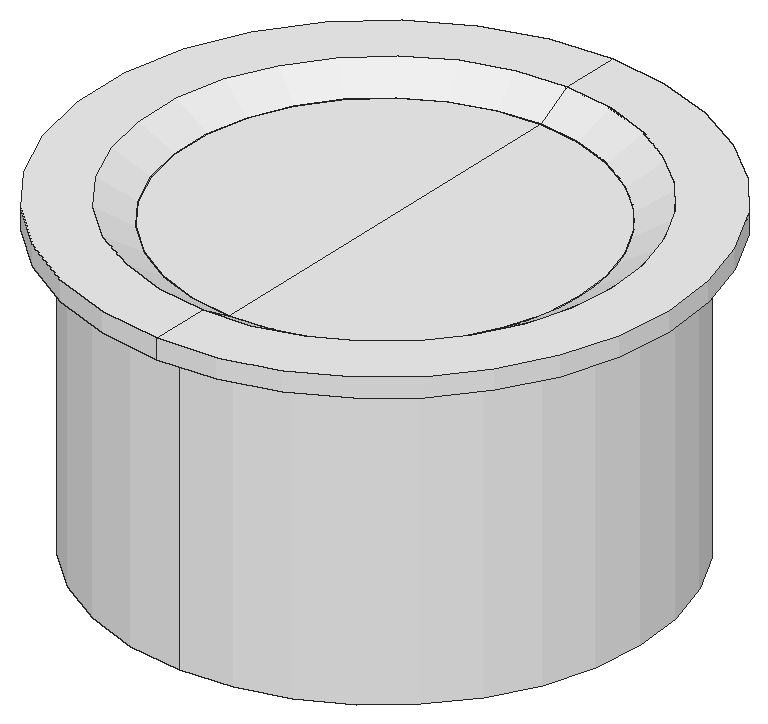
Revit family "IMBER", category Lighting Fixtures, host Face, Revit 2015
Parameters (values of type "KANLUX IMBER LED NW 23520 LED 4000K 105° 40lm srebrny")
  Średnica otworu = 27 mm  # constant formula
  Średnica = 30 mm  # constant formula
  Wattage = 1 W
  built-in parameter 1150110 = 1 (stored number, unit not read)
  built-in parameter 1114217 = 1 (stored number, unit not read)
  Tilt Angle = 90.00°  # constant formula
  built-in parameter 1150109 = 1 (stored number, unit not read)
  built-in parameter 1150134 = 12
  built-in parameter 1150113 = 1 (stored number, unit not read)
  Photometric Web File = "IMBER LED NW.ies"
  Materiał klosz = KANLUX - klosz - tworzywo sztuczne
  built-in parameter 1150105 = 3.1831 (stored number, unit not read)
  Lumens = 40 lm
  built-in parameter 1150115 = 1 (stored number, unit not read)
  built-in parameter 1150137 = (empty or 0)
  built-in parameter 1150139 = (empty or 0)
  built-in parameter 1150112 = 1 (stored number, unit not read)
  built-in parameter 1150114 = 1 (stored number, unit not read)
  Kąt rozsyłu = "105°"
  Kod = "23520"
  Keynote = ""
  built-in parameter 1150132 = (empty or 0)
  built-in parameter 1150102 = (empty or 0)
  built-in parameter 1150107 = 4000 (stored number, unit not read)
  built-in parameter 1150138 = (empty or 0)
  built-in parameter 1150106 = 0.031831 (stored number, unit not read)
  Emit from Circle Diameter = 20.5 mm  # constant formula
  Emit Shape Visible in Rendering = yes
  built-in parameter 1150104 = 3.7161 (stored number, unit not read)
  Wysokość = 16.3 mm  # constant formula
  Współczynnik mocy = 1
  URL = "www.kanlux.pl"
  Manufacturer = "KANLUX"  # constant formula
  Dimming Lamp Color Temperature Shift = <None>
  Color Filter = 16777215
  built-in parameter 1114218 = 1 (stored number, unit not read)
  built-in parameter 1150133 = 10 (stored number, unit not read)
  Apparent Load = Moc oprawy / Współczynnik mocy  # 1 VA
  Model = "IMBER LED NW"
  Wattage Comments = "1"
  Moc oprawy = 1 W
  Materiał obudowa = KANLUX - obudowa - stop aluminium, srebrny
  Lamp = "LED"
  Klasyfikacja obciążenia = Oświetlenie
  IP = "IP65"  # constant formula
  Default Elevation = 0 mm
Types (2, lengths in mm): name | built-in parameter 1150134 | Kod | built-in parameter 1150107 | Model
  KANLUX IMBER LED NW 23520 LED 4000K 105° 40lm srebrny | 12 | "23520" | 4000 (stored number, unit not read) | "IMBER LED NW"
  KANLUX IMBER LED CW 23521 LED 6500K 105° 40lm srebny | 1 | "23521" | 6500 (stored number, unit not read) | "IMBER LED CW"
Reference planes
  plane 1 "Środek (Przód/Tył)": y = 0
  plane 2: z = 0
  plane 3 "Środek (Lewa/Prawa)": x = 0
  plane 4: z = 0
  plane 5: z = 1
  plane 6: z = -15.3
  plane 7: y = 15
  plane 8: y = -15
  plane 9: z = -3
  plane 10: y = -13.5
  plane 11: y = 13.5
Forms (mm)
  Revolve 1, solid, material "KANLUX - klosz - tworzywo sztuczne" <- "Materiał klosz"
    sketch origin (0, 1524, 1219.2) x (0, 1, 0) y (0, 0, 1)
      loop
        line (-1524, -1219.2) -> (-1534.264, -1219.2) -> (-1534.264, -1222.2) -> (-1524, -1222.2) -> (-1524, -1219.2)
      axis (-1524, -1219.2) -> (-1524, -1222.2)
    angle from 0 to 360
  Revolve 2, solid, material "KANLUX - obudowa - stop aluminium, srebrny" <- "Materiał obudowa"
    sketch origin (0, 1524, 1184.2) x (0, 1, 0) y (0, 0, 1)
      loop
        line (-1537.5, -1199.5) -> (-1524, -1199.5) -> (-1524, -1183.2) -> (-1539, -1183.2) -> (-1539, -1184.2) -> (-1537.5, -1184.2) -> (-1537.5, -1199.5)
      axis (-1524, -1183.2) -> (-1524, -1199.5)
    angle from 0 to 360
  Revolve 3, void
    sketch origin (0, 1524, 1187.265) x (0, 1, 0) y (0, 0, 1)
      loop
        line (-1535.996, -1186.265) -> (-1534.264, -1187.265) -> (-1534.264, -1190.265) -> (-1524, -1190.265) -> (-1524, -1186.265) -> (-1535.996, -1186.265)
      axis (-1524, -1186.265) -> (-1524, -1190.265)
    angle from 0 to 360
  Revolve 4, void
    sketch origin (0, 1524, 1175.603) x (0, 1, 0) y (0, 0, 1)
      loop
        line (-1537.5, -1190.903) -> (-1524, -1190.903) -> (-1524, -1175.603) -> (-1537.5, -1175.603) -> (-1537.5, -1190.903)
      axis (-1524, -1175.603) -> (-1524, -1190.903)
    angle from 0 to 360
Cuts and joins
  Revolve 3 cuts Revolve 2
Dimensions and locks
  "Wysokość": plane 6 to plane 5
  locked: host face to plane 5 at 1
  locked: plane 9 to host face at 3
  "Średnica": plane 7 to plane 8
  equal spacing: plane 7, plane 1 "Środek (Przód/Tył)", plane 8
  "Średnica otworu": plane 11 to plane 10
  equal spacing: plane 11, plane 1 "Środek (Przód/Tył)", plane 10
  aligned and locked: plane 2 to host face
  aligned and locked: level to host face
  aligned and locked: plane 3 "Środek (Lewa/Prawa)" to imposter light
  aligned and locked: Revolve 1 sketch curve to host face
  aligned and locked: Revolve 3 sketch curve to plane 9
  aligned and locked: Revolve 3 sketch curve to plane 5
  aligned and locked: Revolve 2 sketch curve to plane 6
  aligned and locked: Revolve 2 sketch curve to plane 1 "Środek (Przód/Tył)"  (x2)
  aligned and locked: Revolve 2 sketch curve to plane 5
  aligned and locked: Revolve 2 sketch curve to plane 8
  aligned and locked: Revolve 2 sketch curve to host face
  aligned and locked: imposter light to level
  aligned and locked: host face to Revolve 4 sketch curve
  aligned and locked: Revolve 4 sketch curve to plane 1 "Środek (Przód/Tył)"  (x2)
  aligned and locked: Revolve 3 sketch curve to plane 1 "Środek (Przód/Tył)"  (x2)
  aligned and locked: Revolve 4 sketch curve to plane 6
  aligned and locked: Revolve 2 sketch curve to plane 10
  aligned and locked: Revolve 4 sketch curve to plane 10
Automatic sketch dimensions
  host sketch curve to host sketch curve = 2438.4 mm  (x2)
  plane 9 to Revolve 1 sketch curve = 0 mm
  Revolve 1 sketch curve to plane 1 "Środek (Przód/Tył)" = 0 mm  (x2)
  plane 6 to Revolve 1 sketch curve = 217.573 mm
  Revolve 1 sketch curve to plane 5 = 375.77 mm
  plane 6 to Revolve 2 sketch curve = 252.573 mm
  Revolve 2 sketch curve to plane 5 = 340.77 mm
  Revolve 3 sketch curve to level = 0 mm
  plane 6 to Revolve 3 sketch curve = 249.508 mm
  Revolve 3 sketch curve to plane 5 = 343.835 mm
  Revolve 4 sketch curve to Revolve 4 sketch curve = 253.558 mm
  Revolve 4 sketch curve to plane 5 = 332.173 mm
  plane 8 to Revolve 1 sketch curve = 4.736 mm
  plane 8 to Revolve 3 sketch curve = 4.736 mm
  Revolve 3 sketch curve to Revolve 3 sketch curve = 1.732 mm
Connectors
  electrical at (0, 0, 0), driven by "Apparent Load", driven by "Współczynnik mocy", driven by "Klasyfikacja obciążenia"
    settings: on host face, index 1, voltage 12 V, apparent load 1 VA, apparent load phase1 0 VA, apparent load phase2 0 VA, apparent load phase3 0 VA, power factor 1, load classification "Oświetlenie", number of poles 1, system type 30, power factor state 1, is connector primary yes, connector utility no, sub classification motor no, connector description ""
